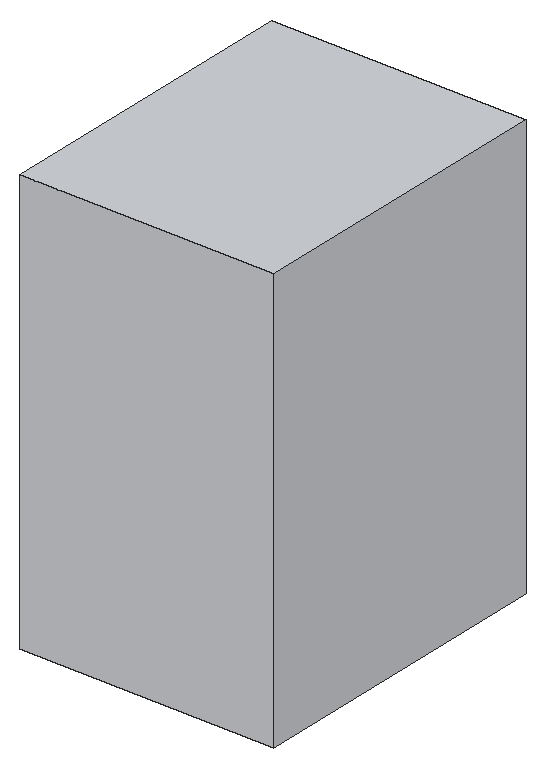
Revit family
Parameters
  r = 0' - 0 3/4"
  opening [instance] = 0' - 5"
  box width = 0' - 9 1/8"
  box height = 1' - 5 5/8"
  box depth = 0' - 4"
  Warranty Duration (Years) = 0
  Unit Width [instance] = 0' - 10 5/8"
  Unit Height [instance] = 1' - 7 5/8"
  Unit Depth = 0' - 0 15/16"
  URL = "http://www.americanspecialties.com/viewCategories.cfm"
  Trim Material = Metal - Stainless Steel
  Test Data = ""
  Specification = "http://www.arcat.com/sdspecs/htm/10810asi.htm"
  SpecWizard = ""
  Send Message = "http://www.arcat.com/users.pl?action=UserEmail&company=American%20Specialties,%20Inc.&coid=30448&rep=139&fax=914-476-0688&mf="
  Sales Information = "http://www.americanspecialties.com/contact"
  Revision = "R1_10-2010"
  Product Properties = "http://www.americanspecialties.com/datasheets/9471.pdf"
  Product Data = "http://www.arcat.com/arcatcos/cos30/arc30448.html"
  Model = "As Specified in 10 28 13"
  Manufacturer Website = "http://www.americanspecialties.com/viewCategories.cfm"
  Manufacturer Phone - Toll Free = ""
  Manufacturer Phone = "914-476-9000 "
  Manufacturer Fax = "914-476-0688"
  Manufacturer Address = "441 Saw Mill River Rd., Yonkers, NY 10701"
  Manufacturer = "American Specialties, Inc."
  Maintenance Schedule (Months) = 0
  Keynote = "10 28 13"
  Installation-Fabrication = "http://www.americanspecialties.com/products.cfm"
  Green Building-LEED = ""
  Expected Lifespan (Years) = 0
  Drawn By = "Robert S. Weygant. CSI, CDT, SCIP"  # constant formula
  Description = "Toilet Accessory as Specified in 10 28 13"
  Default Elevation = 4' - 0"
  Copyright = "©Arcat Inc."
  Construction Details = "http://www.arcat.com/green/clients/leed_data_30448.html"
  Building Codes = "http://www.americanspecialties.com/products.cfm"
  Body Material = Metal - Stainless Steel
  Assembly Code = "C1030210"
Reference planes (in)
  plane 1 "Center (Front/Back)": y = -0.29112
  plane 2 "Floor Line": z = 0
  plane 3 "Center (Left/Right)": x = -0.65843
Forms (in)
  Extrusion 1, solid
    sketch origin (-3, -9, -6) x (0, 0, -1) y (1, 0, 0)
      loop
        line (-82, 26) -> (-82, -19.34712) -> (-6, -19.34712) -> (-6, 26) -> (-82, 26)
    from 15.29112 to -41.06337
  Extrusion 2, solid, material "Metal - Stainless Steel" <- "Body Material"
    sketch origin (0, 0, 0) x (1, 0, 0) y (0, 1, 0)
      loop
        line (-5.22093, 8.52138) -> (-5.22093, -9.10362) -> (3.90407, -9.10362) -> (3.90407, 8.52138) -> (-5.22093, 8.52138)
    from 0 to -4
  Extrusion 3, solid, material "Metal - Stainless Steel" <- "Body Material"
    sketch origin (-0.90625, -0.29112, 0) x (1, 0, 0) y (0, 0, 1)
      loop
        line (-5.06468, 0) -> (5.56032, 0) -> (5.56032, 0.1875)
        arc (5.56032, 0.1875) -> (5.34065, 0.71783) -> (4.81032, 0.9375) r 0.75
        line (4.81032, 0.9375) -> (-4.31468, 0.9375)
        arc (-4.31468, 0.9375) -> (-4.84501, 0.71783) -> (-5.06468, 0.1875) r 0.75
        line (-5.06468, 0.1875) -> (-5.06468, 0)
    from -9.8125 to 9.8125
  Extrusion 4, solid, material "Metal - Stainless Steel" <- "Trim Material"
    sketch origin (0, 0, 0) x (1, 0, 0) y (0, 1, 0)
      loop
        circle (-3.67883, -0.29112) r 0.25
    from 0.9375 to 0.96875
  Extrusion 5, void
    sketch origin (0, 0, 0) x (1, 0, 0) y (0, 1, 0)
      loop
        line (-4.97093, 8.27138) -> (-4.97093, 3.27138) -> (3.65407, 3.27138) -> (3.65407, 8.27138) -> (-4.97093, 8.27138)
    from 0 to 0.9375
  Extrusion 6, solid, material "Metal - Stainless Steel" <- "Body Material"
    sketch origin (0, 0, 0) x (1, 0, 0) y (0, 1, 0)
      loop
        line (-4.97093, 8.27138) -> (-4.97093, 3.27138) -> (3.65407, 3.27138) -> (3.65407, 8.27138) -> (-4.97093, 8.27138)
    from 0 to 0.9375
  Extrusion 7, solid, material "Metal - Stainless Steel" <- "Trim Material"
    sketch origin (0, 0, 0) x (1, 0, 0) y (0, 1, 0)
      loop
        circle (1.96718, 4.31401) r 0.5
    from 0.9375 to 0.96875
  Extrusion 8, void
    sketch origin (0, 0, 0) x (1, 0, 0) y (0, 1, 0)
      loop
        line (-5.22093, 8.52138) -> (-5.22093, -9.10362) -> (3.90407, -9.10362) -> (3.90407, 8.52138) -> (-5.22093, 8.52138)
    from 0 to -4
Cuts and joins
  Extrusion 5 cuts Extrusion 2
  Extrusion 5 cuts Extrusion 3
Dimensions and locks (in)
  Extrusion 3 sketch curve to Extrusion 3 sketch curve = 0' - 10 5/8"
  Extrusion 3 sketch curve to Extrusion 3 sketch curve = 0' - 0 15/16"
  locked: Extrusion 6 to Extrusion 7 sketch curve at 1.04263
  locked: Extrusion 7 sketch curve to Extrusion 6 at 1.68689
  "r": radius of Extrusion 3 sketch curve  (x2)
  aligned and locked: Extrusion 1 to level
  aligned and locked: Extrusion 4 to Extrusion 5
  aligned and locked: Extrusion 5 to level
  aligned and locked: cut or joined group of Extrusion 3, Extrusion 5 to Extrusion 6 sketch curve
  aligned and locked: Extrusion 6 sketch curve to cut or joined group of Extrusion 3, Extrusion 5  (x3)
  aligned and locked: Extrusion 6 to level
  aligned and locked: Extrusion 4 to Extrusion 6
Automatic sketch dimensions
  Extrusion 1 sketch curve to Extrusion 1 sketch curve = 6' - 4"
  Extrusion 1 sketch curve to Extrusion 1 sketch curve = 3' - 9.34712"
  Extrusion 2 sketch curve to plane 3 "Center (Left/Right)" = 0' - 4 9/16"
  plane 3 "Center (Left/Right)" to Extrusion 2 sketch curve = 0' - 4 9/16"
  plane 1 "Center (Front/Back)" to Extrusion 2 sketch curve = 0' - 8 13/16"
  Extrusion 2 sketch curve to plane 1 "Center (Front/Back)" = 0' - 8 13/16"
  Extrusion 3 sketch curve to level = 0' - 0"
  Extrusion 3 sketch curve to plane 3 "Center (Left/Right)" = 0' - 5 5/16"
  Extrusion 4 sketch curve to plane 1 "Center (Front/Back)" = 0' - 0"
  plane 3 "Center (Left/Right)" to Extrusion 5 sketch curve = 0' - 4 5/16"
  Extrusion 5 sketch curve to plane 1 "Center (Front/Back)" = 0' - 3 9/16"
  Extrusion 5 sketch curve to Extrusion 5 sketch curve = 0' - 5"
  Extrusion 5 sketch curve to plane 3 "Center (Left/Right)" = 0' - 4 5/16"
  Extrusion 4 sketch curve to plane 3 "Center (Left/Right)" = 0' - 3.0204"
  Extrusion 8 sketch curve to plane 3 "Center (Left/Right)" = 0' - 4 9/16"
  plane 3 "Center (Left/Right)" to Extrusion 8 sketch curve = 0' - 4 9/16"
  plane 1 "Center (Front/Back)" to Extrusion 8 sketch curve = 0' - 8 13/16"
  Extrusion 8 sketch curve to plane 1 "Center (Front/Back)" = 0' - 8 13/16"
  radius of Extrusion 4 sketch curve = 0' - 0 1/4"
  radius of Extrusion 7 sketch curve = 0' - 0 1/2"
